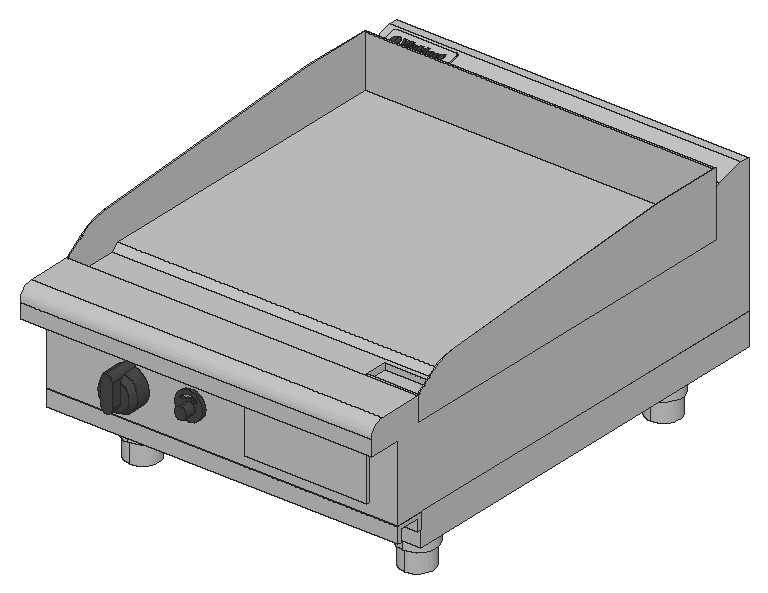
Revit family "QF_MOFFAT WALDORF_GPL8600G-B", category Specialty Equipment, Revit 2012
Parameters
  Width [instance] = 600.0 mm  # constant formula
  Weight in Pounds = 238.099
  URL Cutsheet = "www.moffat.com"
  URL = "www.moffat.com"
  Type Mark [instance] = ""
  Status [instance] = ""
  Specification by User [instance] = ""
  Specification by Manufacturer = ""
  Show Logo [instance] = yes
  Serial Number = ""
  Seismic Rating = ""
  SMACNA No = ""
  Revision Code [instance] = ""
  Omniclass Number and Title = ""
  NAFEM Spec ID Number = ""
  Model = "GPL8600G-B"
  Mechanical Remarks [instance] = ""
  Mechanical Connection Type [instance] = ""
  Masterspec = ""
  Manufacturer = "MOFFAT WALDORF"
  Item Number [instance] = ""
  Installed By [instance] = ""
  Identify Quantity as Lot [instance] = yes
  Height [instance] = 370.0 mm  # constant formula
  Gas Size = 3/4"
  Gas RI Height [instance] = 0.0 mm
  Gas KW [instance] = 14.7
  Gas Input [instance] = 50234.0 Btu/h
  Gas Connection Height = 0.0 mm
  Furnished By [instance] = ""
  Foodservice Equipment Identifier [instance] = yes
  Description = "GRIDDLE PLATE LOW SPLASHBACK GAS BENCH MOUNT"
  Depth [instance] = 805.0 mm  # constant formula
  CSI MasterFormat = ""
  CSI Master Format = ""
  Base Height [instance] = 80.0 mm
Reference planes
  plane 1 "BACK": y = 0
  plane 2: z = 0
  plane 3 "LEFT": x = 0
  plane 4 "RIGHT": x = 600
  plane 5 "FRONT": y = -805
  plane 6 "TOP": z = 370
  plane 7 "Center Y": x = 300
  plane 8 "Center X": y = -402.5
  plane 9 "Base Height": z = 80
  plane 10: x = 65
  plane 11: x = 535
Forms (mm)
  Extrusion 1, solid, material "QF_Finishes_Stainless Steel"
    sketch origin (0, 0, 0) x (0, 1, 0) y (0, 0, 1)
      loop
        line (-805, 291) -> (-805, 266) -> (-749, 266) -> (-749, 135) -> (0, 135) -> (0, 370) -> (-15, 370) -> (-61.106, 357.646)
        arc (-61.106, 357.646) -> (-67.52, 353.36) -> (-70, 346.055) r 12
        line (-70, 346.055) -> (-70, 275) -> (-705, 275) -> (-705, 315) -> (-781, 315)
        arc (-781, 315) -> (-797.971, 307.971) -> (-805, 291) r 24
      loop
        line (0, 80) -> (0, 134.206) -> (-699, 134.206) -> (-699, 80) -> (0, 80)
      loop
        line (-749, 134.206) -> (-749, 107.019) -> (-742.6, 107.019) -> (-742.6, 127.806) -> (-706.4, 127.806) -> (-706.4, 107.019) -> (-700, 107.019) -> (-700, 134.206) -> (-749, 134.206)
    from 0 to 600
  Revolve 2, solid, material "QF_Finishes_Stainless Steel"
    sketch origin (535, -210, 0) x (0, 1, 0) y (0, 0, -1)
      loop
        line (78.25, -80) -> (110, -80) -> (110, 0) -> (82.5, 0) -> (82.5, -35) -> (78.25, -35) -> (78.25, -80)
      axis (110, -80) -> (110, 0)
    angle from 0 to 360
  Revolve 3, solid, material "QF_Finishes_Stainless Steel"
    sketch origin (65, -210, 0) x (0, 1, 0) y (0, 0, 1)
      loop
        line (78.25, 80) -> (78.25, 35) -> (82.5, 35) -> (82.5, 0) -> (110, 0) -> (110, 80) -> (78.25, 80)
      axis (110, 80) -> (110, 0)
    angle from 0 to 360
  Extrusion 4, solid, material "QF_Finishes_Stainless Steel"
    sketch origin (705, 3, -500) x (1, 0, 0) y (0, 1, 0)
      loop
        circle (-235, -35) r 13.5
    from 555 to 580
  Revolve 5, solid, material "QF_Finishes_Black"
    sketch origin (150, 0, -0.127) x (0, 1, 0) y (0, 0, -1)
      loop
        line (-782, -229.5) -> (-759, -229.5) -> (-759, -202) -> (-749, -202) -> (-749, -197) -> (-793, -197) -> (-793, -223.651) -> (-782, -229.5)
      axis (-793, -197) -> (-749, -197)
    angle from 0 to 360
  Extrusion 6, solid, material "QF_Finishes_Black"
    sketch origin (288.27, 0, 0.031) x (-1, 0, 0) y (0, 0, -1)
      loop
        arc (148.269, -184.969) -> (138.269, -174.969) -> (128.269, -184.969) r 10
        line (128.269, -184.969) -> (128.269, -223.969)
        arc (128.269, -223.969) -> (138.269, -233.969) -> (148.269, -223.969) r 10
        line (148.269, -223.969) -> (148.269, -184.969)
    from 759 to 808
  Revolve 7, solid, material "QF_Finishes_Stainless Steel"
    sketch origin (535, -735, 0) x (0, 1, 0) y (0, 0, -1)
      loop
        line (78.25, -80) -> (110, -80) -> (110, 0) -> (82.5, 0) -> (82.5, -35) -> (78.25, -35) -> (78.25, -80)
      axis (110, -80) -> (110, 0)
    angle from 0 to 360
  Revolve 8, solid, material "QF_Finishes_Stainless Steel"
    sketch origin (65, -735, 0) x (0, 1, 0) y (0, 0, 1)
      loop
        line (78.25, 80) -> (78.25, 35) -> (82.5, 35) -> (82.5, 0) -> (110, 0) -> (110, 80) -> (78.25, 80)
      axis (110, 80) -> (110, 0)
    angle from 0 to 360
  Extrusion 9, solid, material "QF_Finishes_Stainless Steel"
    sketch origin (0, -749, 266) x (0, 0, -1) y (1, 0, 0)
      loop
        line (26.5, 340) -> (113.5, 340) -> (113.5, 550) -> (26.5, 550) -> (26.5, 340)
    from 0 to 2.5
  Extrusion 10, solid, material "QF_Finishes_Stainless Steel"
    sketch origin (0, -751.5, 266) x (0, 0, -1) y (1, 0, 0)
      loop
        line (33.5, 550) -> (26.5, 550) -> (26.5, 340) -> (33.5, 340) -> (33.5, 550)
    from 0 to 5
  Extrusion 11, solid, material "QF_Finishes_Black"
    sketch origin (0, -749, 266) x (0, 0, -1) y (1, 0, 0)
      loop
        circle (68.75, 247.5) r 24
      loop
        arc (58.85, 262.413) -> (50.814, 247.625) -> (58.632, 232.719) r 17.868
        arc (58.632, 232.719) -> (59.112, 232.434) -> (59.627, 232.649) r 0.621
        arc (59.627, 232.649) -> (61.064, 235.208) -> (61.408, 238.122) r 7.495
        arc (61.408, 238.122) -> (61.204, 239.05) -> (60.756, 239.888) r 3.472
        arc (60.756, 239.888) -> (58.464, 247.351) -> (60.594, 254.862) r 13.786
        arc (60.594, 254.862) -> (61.234, 256.132) -> (61.499, 257.528) r 5.101
        arc (61.499, 257.528) -> (61.128, 260.047) -> (59.834, 262.239) r 6.611
        arc (59.834, 262.239) -> (59.372, 262.497) -> (58.85, 262.413) r 0.806
    from 0 to 5
  Extrusion 12, solid, material "QF_Finishes_Black"
    sketch origin (0, -754, 266) x (0, 0, -1) y (1, 0, 0)
      loop
        circle (72.25, 247.5) r 10
    from 0 to 18.251
Cuts and joins
  joined: Revolve 5, Extrusion 6
  joined: Extrusion 9, Extrusion 10
Lines and regions (mm)
  Split face 1
    outline origin (49.063, -19.972, 368.668) x (0, -0.965926, -0.258819) y (1, 0, 0)
      loop
        line (0.03, 105.5) -> (33.432, 105.5) -> (33.432, 125.5) -> (0.03, 125.5) -> (0.03, 105.5)
  Split face 2
    outline origin (99.063, -19.972, 368.668) x (0, -0.965926, -0.258819) y (1, 0, 0)
      loop
        line (0.03, 105.5) -> (33.432, 105.5) -> (33.432, 125.5) -> (0.03, 125.5) -> (0.03, 105.5)
  Split face 3
    outline origin (149.063, -19.972, 368.668) x (0, -0.965926, -0.258819) y (1, 0, 0)
      loop
        line (0.03, 105.5) -> (33.432, 105.5) -> (33.432, 125.5) -> (0.03, 125.5) -> (0.03, 105.5)
  Split face 4
    outline origin (199.063, -19.972, 368.668) x (0, -0.965926, -0.258819) y (1, 0, 0)
      loop
        line (0.03, 105.5) -> (33.432, 105.5) -> (33.432, 125.5) -> (0.03, 125.5) -> (0.03, 105.5)
  Split face 5
    outline origin (249.063, -19.972, 368.668) x (0, -0.965926, -0.258819) y (1, 0, 0)
      loop
        line (0.03, 105.5) -> (33.432, 105.5) -> (33.432, 125.5) -> (0.03, 125.5) -> (0.03, 105.5)
  Split face 6
    outline origin (299.063, -19.972, 368.668) x (0, -0.965926, -0.258819) y (1, 0, 0)
      loop
        line (0.03, 105.5) -> (33.432, 105.5) -> (33.432, 125.5) -> (0.03, 125.5) -> (0.03, 105.5)
  Split face 7
    outline origin (349.063, -19.972, 368.668) x (0, -0.965926, -0.258819) y (1, 0, 0)
      loop
        line (0.03, 105.5) -> (33.432, 105.5) -> (33.432, 125.5) -> (0.03, 125.5) -> (0.03, 105.5)
  symbolic lines, visible <- "Show Logo"
    curve 1: line (12.5, -52.06, 0) -> (12.5, -21.099, 0)
    curve 2: line (121.5, -21.099, 0) -> (121.5, -52.06, 0)
    curve 3: line (12.5, -21.099, 0) -> (121.5, -21.099, 0)
    curve 4: line (12.5, -52.06, 0) -> (121.5, -52.06, 0)
  symbolic lines
    curve 5: line (154.563, -50.782, 0) -> (154.563, -20.984, 0)
    curve 6: line (154.563, -20.984, 0) -> (174.562, -20.984, 0)
    curve 7: line (174.562, -20.984, 0) -> (174.562, -50.782, 0)
    curve 8: line (174.562, -50.782, 0) -> (154.563, -50.782, 0)
    curve 9: line (204.563, -20.984, 0) -> (204.563, -50.782, 0)
    curve 10: line (204.563, -50.782, 0) -> (224.562, -50.782, 0)
    curve 11: line (224.562, -50.782, 0) -> (224.562, -20.984, 0)
    curve 12: line (224.562, -20.984, 0) -> (204.563, -20.984, 0)
    curve 13: line (254.563, -20.984, 0) -> (254.563, -50.782, 0)
    curve 14: line (254.563, -50.782, 0) -> (274.562, -50.782, 0)
    curve 15: line (274.562, -50.782, 0) -> (274.562, -20.984, 0)
    curve 16: line (274.562, -20.984, 0) -> (254.563, -20.984, 0)
    curve 17: line (304.563, -20.984, 0) -> (304.563, -50.782, 0)
    curve 18: line (304.563, -50.782, 0) -> (324.563, -50.782, 0)
    curve 19: line (324.563, -50.782, 0) -> (324.563, -20.984, 0)
    curve 20: line (324.563, -20.984, 0) -> (304.563, -20.984, 0)
    curve 21: line (354.563, -20.984, 0) -> (354.563, -50.782, 0)
    curve 22: line (354.563, -50.782, 0) -> (374.563, -50.782, 0)
    curve 23: line (374.563, -50.782, 0) -> (374.563, -20.984, 0)
    curve 24: line (374.563, -20.984, 0) -> (354.563, -20.984, 0)
    curve 25: line (404.563, -50.782, 0) -> (404.563, -20.984, 0)
    curve 26: line (404.563, -20.984, 0) -> (424.563, -20.984, 0)
    curve 27: line (424.563, -20.984, 0) -> (424.563, -50.782, 0)
    curve 28: line (424.563, -50.782, 0) -> (404.563, -50.782, 0)
    curve 29: line (304.563, -50.782, 0) -> (304.563, -20.984, 0)
    curve 30: line (304.563, -20.984, 0) -> (324.563, -20.984, 0)
    curve 31: line (324.563, -20.984, 0) -> (324.563, -50.782, 0)
    curve 32: line (324.563, -50.782, 0) -> (304.563, -50.782, 0)
    curve 33: line (354.563, -20.984, 0) -> (354.563, -50.782, 0)
    curve 34: line (354.563, -50.782, 0) -> (374.563, -50.782, 0)
    curve 35: line (374.563, -50.782, 0) -> (374.563, -20.984, 0)
    curve 36: line (374.563, -20.984, 0) -> (354.563, -20.984, 0)
    curve 37: line (404.563, -50.782, 0) -> (404.563, -20.984, 0)
    curve 38: line (404.563, -20.984, 0) -> (424.563, -20.984, 0)
    curve 39: line (424.563, -20.984, 0) -> (424.563, -50.782, 0)
    curve 40: line (424.563, -50.782, 0) -> (404.563, -50.782, 0)
    curve 41: line (454.563, -50.782, 0) -> (454.563, -20.984, 0)
    curve 42: line (454.563, -20.984, 0) -> (474.563, -20.984, 0)
    curve 43: line (474.563, -20.984, 0) -> (474.563, -50.782, 0)
    curve 44: line (474.563, -50.782, 0) -> (454.563, -50.782, 0)
    curve 45: line (0, -805, 0) -> (600, -805, 0)
    curve 46: line (0, 0, 0) -> (0, -805, 0)
    curve 47: line (600, 0, 0) -> (0, 0, 0)
    curve 48: line (0, -70, 0) -> (600, -70, 0)
    curve 49: line (600, -705, 0) -> (0, -705, 0)
    curve 50: line (600, -805, 0) -> (600, 0, 0)
Dimensions and locks
  equal spacing: plane 3 "LEFT", plane 7 "Center Y", plane 4 "RIGHT"
  "Width": plane 3 "LEFT" to plane 4 "RIGHT"
  equal spacing: plane 5 "FRONT", plane 8 "Center X", plane 1 "BACK"
  "Depth": plane 5 "FRONT" to plane 1 "BACK"
  "Base Height": plane 9 "Base Height" to level
  locked: plane 6 "TOP" to plane 9 "Base Height" at 290
  level to Extrusion 4 = 55.0 mm
  locked: Extrusion 4 to plane 9 "Base Height" at 25
  plane 6 "TOP" to nested 1 to nested 1 = 1.498 mm locked, 8.706 mm locked
  plane 6 "TOP" to level = 370.0 mm
  aligned and locked: level to plane 2
  aligned and locked: plane 9 "Base Height" to Extrusion 4
  aligned and locked: Revolve 3 sketch curve to plane 9 "Base Height"
Automatic sketch dimensions
  curve 49 to plane 3 "LEFT" = 0.0 mm
  plane 1 "BACK" to curve 47 = 0.0 mm
  curve 47 to plane 4 "RIGHT" = 0.0 mm
  plane 5 "FRONT" to curve 45 = 0.0 mm
  plane 3 "LEFT" to curve 1 = 12.5 mm
  plane 1 "BACK" to curve 2 = 21.099 mm
  plane 10 to curve 2 = 56.5 mm
  curve 2 to curve 6 = 33.062 mm
  curve 5 to curve 6 = 20.0 mm
  curve 6 to curve 12 = 30.0 mm
  curve 9 to curve 11 = 20.0 mm
  curve 11 to curve 16 = 30.0 mm
  curve 13 to curve 16 = 20.0 mm
  plane 7 "Center Y" to curve 17 = 4.563 mm
  curve 17 to curve 31 = 20.0 mm
  curve 18 to curve 34 = 30.0 mm
  curve 21 to curve 23 = 20.0 mm
  curve 22 to curve 37 = 30.0 mm
  curve 25 to curve 27 = 20.0 mm
  curve 26 to curve 41 = 30.0 mm
  curve 41 to curve 43 = 20.0 mm
  curve 49 to plane 5 "FRONT" = 100.0 mm
  curve 48 to curve 1 = 48.901 mm
  curve 48 to curve 1 = 17.94 mm
  plane 1 "BACK" to curve 8 = 50.782 mm
  curve 7 to curve 9 = 0.0 mm
  curve 10 to curve 13 = 0.0 mm
  curve 14 to curve 17 = 0.0 mm
  curve 40 to curve 41 = 0.0 mm
  curve 18 to curve 21 = 0.0 mm
  plane 1 "BACK" to curve 27 = 20.984 mm
  plane 1 "BACK" to curve 35 = 20.984 mm
  plane 1 "BACK" to curve 20 = 20.984 mm
  plane 1 "BACK" to curve 41 = 20.984 mm
  plane 1 "BACK" to curve 16 = 20.984 mm
  plane 1 "BACK" to curve 12 = 20.984 mm
  plane 1 "BACK" to curve 7 = 20.984 mm
  Extrusion 1 sketch curve to plane 5 "FRONT" = 0.0 mm
  Extrusion 1 sketch curve to plane 9 "Base Height" = 0.0 mm
  Extrusion 1 sketch curve to plane 6 "TOP" = 0.0 mm
  Extrusion 1 sketch curve to plane 1 "BACK" = 0.0 mm  (x2)
  Extrusion 1 sketch curve to plane 5 "FRONT" = 24.0 mm
  Extrusion 1 sketch curve to plane 5 "FRONT" = 56.0 mm
  Extrusion 1 sketch curve to Extrusion 1 sketch curve = 0.0 mm  (x2)
  Extrusion 1 sketch curve to Extrusion 1 sketch curve = 6.4 mm  (x3)
  Extrusion 1 sketch curve to Extrusion 1 sketch curve = 36.2 mm
  Extrusion 1 sketch curve to Extrusion 1 sketch curve = 44.0 mm
  Extrusion 1 sketch curve to Extrusion 1 sketch curve = 1.0 mm
  plane 1 "BACK" to Extrusion 1 sketch curve = 70.0 mm
  Extrusion 1 sketch curve to plane 6 "TOP" = 12.354 mm
  Extrusion 1 sketch curve to Extrusion 1 sketch curve = 8.894 mm
  Extrusion 1 sketch curve to Extrusion 1 sketch curve = 3.106 mm
  Extrusion 1 sketch curve to Extrusion 1 sketch curve = 15.0 mm
  plane 9 "Base Height" to Extrusion 1 sketch curve = 27.019 mm  (x2)
  Extrusion 1 sketch curve to Extrusion 1 sketch curve = 20.787 mm
  Extrusion 1 sketch curve to Extrusion 1 sketch curve = 0.794 mm
  Extrusion 1 sketch curve to Extrusion 1 sketch curve = 131.0 mm
  Extrusion 1 sketch curve to Extrusion 1 sketch curve = 140.0 mm
  Extrusion 1 sketch curve to Extrusion 1 sketch curve = 25.0 mm
  Revolve 2 sketch curve to plane 9 "Base Height" = 0.0 mm
  Revolve 2 sketch curve to level = 0.0 mm
  level to Revolve 2 sketch curve = 35.0 mm
  plane 1 "BACK" to Revolve 2 sketch curve = 131.75 mm
  Revolve 2 sketch curve to Revolve 2 sketch curve = 4.25 mm
  Revolve 2 sketch curve to Revolve 2 sketch curve = 27.5 mm
  Revolve 2 sketch curve to Revolve 2 sketch curve = 0.0 mm
  Revolve 2 sketch curve to Revolve 2 sketch curve = 30.0 mm
  Revolve 2 sketch curve to Revolve 2 sketch curve = 55.0 mm
  Revolve 3 sketch curve to level = 0.0 mm
  level to Revolve 3 sketch curve = 35.0 mm
  plane 1 "BACK" to Revolve 3 sketch curve = 131.75 mm
  Revolve 3 sketch curve to Revolve 3 sketch curve = 4.25 mm
  Revolve 3 sketch curve to Revolve 3 sketch curve = 27.5 mm
  Revolve 3 sketch curve to Revolve 3 sketch curve = 0.0 mm
  Revolve 3 sketch curve to Revolve 3 sketch curve = 55.0 mm
  Revolve 3 sketch curve to Revolve 3 sketch curve = 30.0 mm
  plane 1 "BACK" to Extrusion 4 sketch curve = 32.0 mm
  plane 11 to Extrusion 4 sketch curve = 65.0 mm
  Revolve 5 sketch curve to plane 5 "FRONT" = 12.0 mm
  Revolve 5 sketch curve to Revolve 5 sketch curve = 0.0 mm  (x2)
  Revolve 5 sketch curve to Revolve 5 sketch curve = 11.0 mm
  Revolve 5 sketch curve to Revolve 5 sketch curve = 12.7 mm
  Revolve 5 sketch curve to Revolve 5 sketch curve = 23.0 mm
  Revolve 5 sketch curve to Revolve 5 sketch curve = 10.0 mm
  plane 9 "Base Height" to Revolve 5 sketch curve = 149.373 mm
  Revolve 5 sketch curve to Revolve 5 sketch curve = 5.849 mm
  Revolve 5 sketch curve to Revolve 5 sketch curve = 27.5 mm
  Revolve 5 sketch curve to Revolve 5 sketch curve = 5.0 mm
  plane 10 to Extrusion 6 sketch curve = 95.001 mm
  Extrusion 6 sketch curve to Extrusion 6 sketch curve = 10.0 mm
  plane 9 "Base Height" to Extrusion 6 sketch curve = 144.0 mm
  Extrusion 6 sketch curve to Extrusion 6 sketch curve = 39.0 mm
  Extrusion 1 to Split face 1 sketch curve = 5.177 mm
  Split face 1 sketch curve to Extrusion 1 = 9.153 mm
  Split face 1 sketch curve to Extrusion 1 = 154.563 mm
  Split face 1 sketch curve to Split face 1 sketch curve = 20.0 mm
  Revolve 7 sketch curve to plane 9 "Base Height" = 0.0 mm
  Revolve 7 sketch curve to level = 0.0 mm
  level to Revolve 7 sketch curve = 35.0 mm
  Revolve 7 sketch curve to plane 5 "FRONT" = 148.25 mm
  Revolve 7 sketch curve to Revolve 7 sketch curve = 4.25 mm
  Revolve 7 sketch curve to Revolve 7 sketch curve = 27.5 mm
  Revolve 7 sketch curve to Revolve 7 sketch curve = 0.0 mm
  Revolve 7 sketch curve to Revolve 7 sketch curve = 30.0 mm
  Revolve 7 sketch curve to Revolve 7 sketch curve = 55.0 mm
  Revolve 8 sketch curve to plane 9 "Base Height" = 0.0 mm
  Revolve 8 sketch curve to level = 0.0 mm
  level to Revolve 8 sketch curve = 35.0 mm
  Revolve 8 sketch curve to plane 5 "FRONT" = 148.25 mm
  Revolve 8 sketch curve to Revolve 8 sketch curve = 4.25 mm
  Revolve 8 sketch curve to Revolve 8 sketch curve = 27.5 mm
  Revolve 8 sketch curve to Revolve 8 sketch curve = 0.0 mm
  Revolve 8 sketch curve to Revolve 8 sketch curve = 55.0 mm
  Revolve 8 sketch curve to Revolve 8 sketch curve = 30.0 mm
  Extrusion 1 to Split face 2 sketch curve = 5.177 mm
  Split face 2 sketch curve to Extrusion 1 = 9.153 mm
  Split face 2 sketch curve to Extrusion 1 = 204.563 mm
  Split face 2 sketch curve to Split face 2 sketch curve = 20.0 mm
  Extrusion 1 to Split face 3 sketch curve = 5.177 mm
  Split face 3 sketch curve to Extrusion 1 = 9.153 mm
  Split face 3 sketch curve to Extrusion 1 = 254.563 mm
  Split face 3 sketch curve to Split face 3 sketch curve = 20.0 mm
  Extrusion 1 to Split face 4 sketch curve = 5.177 mm
  Split face 4 sketch curve to Extrusion 1 = 9.153 mm
  Split face 4 sketch curve to Extrusion 1 = 295.437 mm
  Split face 4 sketch curve to Split face 4 sketch curve = 20.0 mm
  Extrusion 1 to Split face 5 sketch curve = 5.177 mm
  Split face 5 sketch curve to Extrusion 1 = 9.153 mm
  Split face 5 sketch curve to Extrusion 1 = 245.437 mm
  Split face 5 sketch curve to Split face 5 sketch curve = 20.0 mm
  Extrusion 1 to Split face 6 sketch curve = 5.177 mm
  Split face 6 sketch curve to Extrusion 1 = 9.153 mm
  Split face 6 sketch curve to Extrusion 1 = 195.437 mm
  Split face 6 sketch curve to Split face 6 sketch curve = 20.0 mm
  Extrusion 1 to Extrusion 9 sketch curve = 26.5 mm
  Extrusion 9 sketch curve to Extrusion 1 = 17.5 mm
  Extrusion 1 to Extrusion 9 sketch curve = 260.0 mm
  Extrusion 1 to Extrusion 9 sketch curve = 50.0 mm
  Extrusion 10 sketch curve to Extrusion 9 = 0.0 mm  (x2)
  Extrusion 9 to Extrusion 10 sketch curve = 0.0 mm
  Extrusion 10 sketch curve to Extrusion 9 = 7.0 mm
  Extrusion 1 to Extrusion 11 sketch curve = 53.937 mm
  Extrusion 11 sketch curve to Extrusion 11 sketch curve = 0.958 mm
  Extrusion 11 sketch curve to Extrusion 11 sketch curve = 1.509 mm
  Extrusion 11 sketch curve to Extrusion 11 sketch curve = 4.01 mm
  Extrusion 11 sketch curve to Extrusion 11 sketch curve = 0.685 mm
  Extrusion 11 sketch curve to Extrusion 11 sketch curve = 2.447 mm
  Extrusion 11 sketch curve to Extrusion 11 sketch curve = 0.524 mm
  Extrusion 11 sketch curve to Extrusion 11 sketch curve = 0.381 mm
  Extrusion 11 sketch curve to Extrusion 11 sketch curve = 0.472 mm
  Extrusion 11 sketch curve to Extrusion 11 sketch curve = 0.0 mm  (x5)
  Extrusion 11 sketch curve to Extrusion 11 sketch curve = 0.602 mm
  Extrusion 11 sketch curve to Extrusion 11 sketch curve = 4.19 mm
  Extrusion 11 sketch curve to Extrusion 11 sketch curve = 2.809 mm
  Extrusion 11 sketch curve to Extrusion 11 sketch curve = 0.652 mm
  Extrusion 11 sketch curve to Extrusion 11 sketch curve = 0.905 mm
  Extrusion 11 sketch curve to Extrusion 11 sketch curve = 8.087 mm
  Extrusion 11 sketch curve to Extrusion 11 sketch curve = 0.069 mm
  Extrusion 11 sketch curve to Extrusion 11 sketch curve = 3.5 mm
  Extrusion 1 to Extrusion 11 sketch curve = 232.649 mm
  Extrusion 11 sketch curve to Extrusion 11 sketch curve = 0.07 mm
  Extrusion 11 sketch curve to Extrusion 11 sketch curve = 7.606 mm
  Extrusion 11 sketch curve to Extrusion 11 sketch curve = 0.007 mm
  Extrusion 1 to Split face 7 sketch curve = 5.177 mm
  Split face 7 sketch curve to Extrusion 1 = 9.153 mm
  Split face 7 sketch curve to Extrusion 1 = 145.437 mm
  Split face 7 sketch curve to Split face 7 sketch curve = 20.0 mm
  curve 44 to curve 41 = 29.799 mm
  radius of Extrusion 4 sketch curve = 13.5 mm
  radius of Extrusion 11 sketch curve = 24.0 mm
  radius of Extrusion 12 sketch curve to Extrusion 11 = 3.786 mm
Nested families
  nested 1: "WALDORF LOGO" at (12.5, -36.099, 347.942), visible <- "Show Logo", type "WALDORF LOGO", detail levels medium+fine
    with Type Mark "", Status "", Specification by User "", Show Logo yes, Revision Code "", Item Number "", Installed By "", Identify Quantity as Lot yes, Furnished By "", Foodservice Equipment Identifier yes
  nested 2: "GAS GRIDDLE PLATE" at (0, -70, 274.5), type "GAS GRIDDLE PLATE"
    with Type Mark "", Status "", Specification by User "", Show Clearance yes, Revision Code "", Number of Poles 1, Mechanical Remarks "", Mechanical Connection Type "", Item Number "", Installed By "", Identify Quantity as Lot yes, Gas RI Height 0.0 mm, Gas KW 0, Gas Input 0.0 Btu/h, Furnished By "", Foodservice Equipment Identifier yes, Electrical Remarks "", Electric Connection Type "", Elec Conn RI Height 0.0 mm, Elec Conn Connection Height 0.0 mm
Connectors
  piping at (470, -32, 55)
    settings: on Extrusion 4, index 2, connector radius 0.37402", flow factor 0, pipe flow 0 GPM, pressure drop 0.00 psi, fitting loss kfactor 0, connector angle 0.00°, fixture units 0, engagement length 0.0 mm, flow configuration 1, flow direction 1, fitting loss method 0, system type 7, joint type 0, gender type 0, connector reference index -1, connector utility 0, adjustable connector no, is connector primary yes, fitting loss table "", connector description "GAS CONNECTION"
Definition of nested family "WALDORF LOGO"
  Parameters (values of type "WALDORF LOGO")
    Weight in Pounds = 0
    URL Cutsheet = ""
    Type Mark [instance] = ""
    Status [instance] = ""
    Specification by User [instance] = ""
    Specification by Manufacturer = ""
    Show Logo [instance] = yes
    Serial Number = ""
    Seismic Rating = ""
    SMACNA No = ""
    Revision Code [instance] = ""
    Omniclass Number and Title = ""
    NAFEM Spec ID Number = ""
    Masterspec = ""
    Item Number [instance] = ""
    Installed By [instance] = ""
    Identify Quantity as Lot [instance] = yes
    Furnished By [instance] = ""
    Foodservice Equipment Identifier [instance] = yes
    CSI MasterFormat = ""
    CSI Master Format = ""
  Reference planes
    plane 1 "BACK": y = 0
    plane 2: z = 0
    plane 3 "LEFT": x = 0
    plane 4 "RIGHT": x = 109
    plane 5 "FRONT": y = -1.588
    plane 6 "TOP": z = 34.14
    plane 7 "Center Y": x = 54.5
    plane 8 "Center X": y = -0.794
  Forms (mm)
    Extrusion 1, solid, material "QF_Finishes_Stainless Steel", visible <- "Show Logo"
      sketch origin (0, -16.884, 11.854) x (1, 0, 0) y (0, 0.966938, 0.255012)
        loop
          arc (5, 34.14) -> (1.464, 32.676) -> (0, 29.14) r 5
          line (0, 29.14) -> (0, 5)
          arc (0, 5) -> (1.464, 1.464) -> (5, 0) r 5
          line (5, 0) -> (104, 0)
          arc (104, 0) -> (107.536, 1.464) -> (109, 5) r 5
          line (109, 5) -> (109, 29.14)
          arc (109, 29.14) -> (107.536, 32.676) -> (104, 34.14) r 5
          line (104, 34.14) -> (5, 34.14)
      from 0 to 1.588
    Extrusion 2, solid, material "QF_Finishes_Black", visible <- "Show Logo"
      sketch origin (0, -17.288, 13.389) x (1, 0, 0) y (0, 0.966938, 0.255012)
        loop
          line (24.772, 23.214) -> (27.992, 10.301) -> (31.551, 10.301) -> (33.443, 17.364) -> (35.205, 10.301) -> (39.332, 10.301) -> (42.077, 23.214) -> (38.352, 23.214) -> (36.676, 15.33) -> (35, 23.214) -> (31.752, 23.214) -> (30.076, 15.33) -> (28.4, 23.214) -> (24.772, 23.214)
        loop
          line (42.272, 17.055) -> (45.703, 17.055)
          spline (45.703, 17.055) -> (45.741, 17.285) -> (45.852, 17.499) -> (46.028, 17.682) -> (46.258, 17.823) -> (46.526, 17.912) -> (46.813, 17.942) -> (47.1, 17.912) -> (47.368, 17.823) -> (47.597, 17.682) -> (47.774, 17.499) -> (47.884, 17.285) -> (47.922, 17.055)
          line (47.922, 17.055) -> (47.922, 16.222)
          arc (47.922, 16.222) -> (45.742, 16.014) -> (43.665, 15.317) r 9.604
          arc (43.665, 15.317) -> (41.924, 12.809) -> (43.665, 10.301) r 2.677
          arc (43.665, 10.301) -> (45.527, 10.353) -> (47.332, 10.816) r 8.365
          line (47.332, 10.816) -> (48.092, 11.105) -> (48.092, 10.301) -> (51.817, 10.301) -> (51.817, 17.055)
          spline (51.817, 17.055) -> (51.654, 17.821) -> (51.178, 18.535) -> (50.419, 19.148) -> (49.431, 19.619) -> (48.28, 19.914) -> (47.044, 20.015) -> (45.809, 19.914) -> (44.658, 19.619) -> (43.67, 19.148) -> (42.911, 18.535) -> (42.434, 17.821) -> (42.272, 17.055)
        loop
          line (53.151, 23.214) -> (53.151, 10.301) -> (57.37, 10.301) -> (57.37, 23.214) -> (53.151, 23.214)
        loop
          line (64.874, 23.214) -> (64.874, 18.857)
          arc (64.874, 18.857) -> (58.083, 15.11) -> (64.874, 11.363) r 4.429
          line (64.874, 11.363) -> (64.874, 10.301) -> (68.378, 10.301) -> (68.378, 23.214) -> (64.874, 23.214)
        loop
          arc (64.874, 16.083) -> (61.41, 14.987) -> (64.874, 13.891) r 1.905
          line (64.874, 13.891) -> (64.874, 16.083)
        loop
          circle (74.623, 15.223) r 5
        loop
          spline (74.623, 17.856) -> (74.355, 17.766) -> (74.105, 17.503) -> (73.891, 17.084) -> (73.726, 16.539) -> (73.623, 15.904) -> (73.588, 15.223) -> (73.623, 14.541) -> (73.726, 13.906) -> (73.891, 13.361) -> (74.105, 12.942) -> (74.355, 12.679) -> (74.623, 12.59)
          spline (74.623, 12.59) -> (74.891, 12.679) -> (75.141, 12.942) -> (75.355, 13.361) -> (75.52, 13.906) -> (75.623, 14.541) -> (75.659, 15.223) -> (75.623, 15.904) -> (75.52, 16.539) -> (75.355, 17.084) -> (75.141, 17.503) -> (74.891, 17.766) -> (74.623, 17.856)
        loop
          line (81.255, 19.813) -> (81.255, 10.301) -> (84.834, 10.301) -> (84.834, 14.176)
          arc (84.834, 14.176) -> (85.854, 16.093) -> (88.013, 16.32) r 2.313
          line (88.013, 16.32) -> (88.013, 19.813) -> (87.161, 19.813)
          arc (87.161, 19.813) -> (85.526, 19.266) -> (84.549, 17.844) r 2.717
          line (84.549, 17.844) -> (84.549, 19.813) -> (81.255, 19.813)
        loop
          line (90.249, 19.813) -> (88.91, 19.813) -> (88.91, 17.614) -> (90.249, 17.614) -> (90.249, 10.301) -> (93.998, 10.301) -> (93.998, 17.614) -> (95.418, 17.614) -> (95.418, 19.813) -> (93.998, 19.813)
          arc (93.998, 19.813) -> (94.414, 20.817) -> (95.418, 21.233) r 1.42
          line (95.418, 21.233) -> (95.418, 23.602) -> (93.317, 23.602)
          arc (93.317, 23.602) -> (91.343, 22.903) -> (90.249, 21.118) r 3.137
          line (90.249, 21.118) -> (90.249, 19.813)
        loop
          arc (15.241, 23.571) -> (8.392, 16.525) -> (15.241, 9.479) r 7.049
          line (15.241, 9.479) -> (15.241, 23.571)
        loop
          line (15.641, 23.571) -> (15.641, 9.479)
          arc (15.641, 9.479) -> (22.49, 16.525) -> (15.641, 23.571) r 7.049
        loop
          arc (47.922, 14.711) -> (46.266, 13.749) -> (47.922, 12.787) r 1.107
          line (47.922, 12.787) -> (47.922, 14.711)
      from 0 to 0.2
  Dimensions and locks
    equal spacing: plane 3 "LEFT", plane 7 "Center Y", plane 4 "RIGHT"
    plane 3 "LEFT" to plane 4 "RIGHT" = 109.0 mm
    equal spacing: plane 5 "FRONT", plane 8 "Center X", plane 1 "BACK"
    plane 5 "FRONT" to plane 1 "BACK" = 1.588 mm
    aligned and locked: level to plane 2
  Automatic sketch dimensions
    Extrusion 1 sketch curve to plane 3 "LEFT" = 0.0 mm
    Extrusion 1 sketch curve to plane 4 "RIGHT" = 0.0 mm
    plane 3 "LEFT" to Extrusion 1 sketch curve = 5.0 mm  (x2)
    plane 4 "RIGHT" to Extrusion 1 sketch curve = 5.0 mm  (x2)
    Extrusion 1 sketch curve to Extrusion 1 sketch curve = 24.14 mm
    Extrusion 2 sketch curve to Extrusion 2 sketch curve = 0.0 mm  (x14)
    Extrusion 2 sketch curve to Extrusion 1 = 15.241 mm
    Extrusion 2 sketch curve to Extrusion 2 sketch curve = 0.2 mm
    Extrusion 2 sketch curve to Extrusion 2 sketch curve = 0.4 mm
    Extrusion 2 sketch curve to Extrusion 2 sketch curve = 9.131 mm
    Extrusion 2 sketch curve to Extrusion 1 = 10.301 mm  (x2)
    Extrusion 2 sketch curve to Extrusion 2 sketch curve = 12.351 mm
    Extrusion 2 sketch curve to Extrusion 2 sketch curve = 3.628 mm
    Extrusion 2 sketch curve to Extrusion 2 sketch curve = 2.084 mm
    Extrusion 2 sketch curve to Extrusion 2 sketch curve = 3.559 mm
    Extrusion 2 sketch curve to Extrusion 1 = 10.926 mm  (x2)
    Extrusion 2 sketch curve to Extrusion 2 sketch curve = 3.352 mm  (x2)
    Extrusion 2 sketch curve to Extrusion 2 sketch curve = 3.367 mm
    Extrusion 2 sketch curve to Extrusion 2 sketch curve = 3.249 mm
    Extrusion 2 sketch curve to Extrusion 2 sketch curve = 3.654 mm
    Extrusion 2 sketch curve to Extrusion 1 = 15.33 mm
    Extrusion 2 sketch curve to Extrusion 2 sketch curve = 3.233 mm
    Extrusion 2 sketch curve to Extrusion 2 sketch curve = 4.128 mm
    Extrusion 2 sketch curve to Extrusion 2 sketch curve = 3.725 mm
    Extrusion 2 sketch curve to Extrusion 2 sketch curve = 5.596 mm
    Extrusion 2 sketch curve to Extrusion 2 sketch curve = 4.333 mm
    Extrusion 2 sketch curve to Extrusion 2 sketch curve = 1.394 mm
    Extrusion 2 sketch curve to Extrusion 2 sketch curve = 2.092 mm
    Extrusion 2 sketch curve to Extrusion 2 sketch curve = 0.936 mm
    Extrusion 2 sketch curve to Extrusion 2 sketch curve = 1.34 mm
    Extrusion 2 sketch curve to Extrusion 2 sketch curve = 1.109 mm
    Extrusion 2 sketch curve to Extrusion 2 sketch curve = 0.232 mm
    Extrusion 2 sketch curve to Extrusion 2 sketch curve = 2.731 mm
    Extrusion 2 sketch curve to Extrusion 2 sketch curve = 0.549 mm  (x2)
    Extrusion 2 sketch curve to Extrusion 2 sketch curve = 0.407 mm
    Extrusion 2 sketch curve to Extrusion 2 sketch curve = 0.76 mm
    Extrusion 2 sketch curve to Extrusion 2 sketch curve = 1.334 mm
    Extrusion 2 sketch curve to Extrusion 2 sketch curve = 4.219 mm
    Extrusion 2 sketch curve to Extrusion 2 sketch curve = 5.142 mm
    Extrusion 2 sketch curve to Extrusion 2 sketch curve = 0.803 mm
    Extrusion 2 sketch curve to Extrusion 2 sketch curve = 1.558 mm
    Extrusion 2 sketch curve to Extrusion 2 sketch curve = 3.504 mm
    Extrusion 2 sketch curve to Extrusion 2 sketch curve = 6.245 mm
    Extrusion 2 sketch curve to Extrusion 2 sketch curve = 6.632 mm
    Extrusion 2 sketch curve to Extrusion 2 sketch curve = 3.294 mm
    Extrusion 2 sketch curve to Extrusion 2 sketch curve = 3.579 mm
    Extrusion 2 sketch curve to Extrusion 2 sketch curve = 2.313 mm
    Extrusion 2 sketch curve to Extrusion 2 sketch curve = 2.612 mm
    Extrusion 2 sketch curve to Extrusion 2 sketch curve = 0.852 mm
    Extrusion 2 sketch curve to Extrusion 2 sketch curve = 0.897 mm
    Extrusion 2 sketch curve to Extrusion 2 sketch curve = 3.102 mm
    Extrusion 2 sketch curve to Extrusion 2 sketch curve = 1.338 mm
    Extrusion 2 sketch curve to Extrusion 2 sketch curve = 3.068 mm
    Extrusion 2 sketch curve to Extrusion 2 sketch curve = 0.681 mm
    Extrusion 2 sketch curve to Extrusion 2 sketch curve = 3.749 mm
    Extrusion 2 sketch curve to Extrusion 2 sketch curve = 1.42 mm
    Extrusion 2 sketch curve to Extrusion 2 sketch curve = 5.029 mm  (x2)
    Extrusion 2 sketch curve to Extrusion 1 = 9.479 mm
    Extrusion 2 sketch curve to Extrusion 2 sketch curve = 3.681 mm
    Extrusion 2 sketch curve to Extrusion 2 sketch curve = 0.515 mm
    Extrusion 2 sketch curve to Extrusion 2 sketch curve = 0.804 mm
    Extrusion 2 sketch curve to Extrusion 2 sketch curve = 1.062 mm
    Extrusion 2 sketch curve to Extrusion 2 sketch curve = 1.682 mm
    Extrusion 2 sketch curve to Extrusion 2 sketch curve = 2.508 mm
    Extrusion 2 sketch curve to Extrusion 2 sketch curve = 0.962 mm
    Extrusion 2 sketch curve to Extrusion 2 sketch curve = 2.528 mm
    Extrusion 2 sketch curve to Extrusion 2 sketch curve = 3.875 mm
    Extrusion 2 sketch curve to Extrusion 2 sketch curve = 1.096 mm
    Extrusion 2 sketch curve to Extrusion 2 sketch curve = 0.123 mm
    Extrusion 2 sketch curve to Extrusion 2 sketch curve = 4.922 mm
    Extrusion 2 sketch curve to Extrusion 2 sketch curve = 7.046 mm
    Extrusion 2 sketch curve to Extrusion 2 sketch curve = 0.833 mm
    Extrusion 2 sketch curve to Extrusion 2 sketch curve = 0.776 mm
    Extrusion 2 sketch curve to Extrusion 2 sketch curve = 2.034 mm
    Extrusion 2 sketch curve to Extrusion 2 sketch curve = 7.314 mm
    Extrusion 2 sketch curve to Extrusion 2 sketch curve = 1.295 mm
    Extrusion 2 sketch curve to Extrusion 2 sketch curve = 0.749 mm
    Extrusion 2 sketch curve to Extrusion 2 sketch curve = 2.633 mm
    Extrusion 2 sketch curve to Extrusion 2 sketch curve = 2.198 mm  (x2)
    Extrusion 2 sketch curve to Extrusion 2 sketch curve = 1.968 mm
    Extrusion 2 sketch curve to Extrusion 2 sketch curve = 0.653 mm
    Extrusion 2 sketch curve to Extrusion 2 sketch curve = 1.305 mm
    Extrusion 2 sketch curve to Extrusion 2 sketch curve = 4.357 mm
    Extrusion 2 sketch curve to Extrusion 2 sketch curve = 6.159 mm
    radius of Extrusion 2 sketch curve = 5.0 mm
Definition of nested family "GAS GRIDDLE PLATE"
  Parameters (values of type "GAS GRIDDLE PLATE_LOW")
    Weight in Pounds = 0
    Watts = 0 W
    Volts = 0 V
    URL Cutsheet = ""
    Type Mark [instance] = ""
    Status [instance] = ""
    Specification by User [instance] = ""
    Specification by Manufacturer = ""
    Show Clearance [instance] = yes
    Serial Number = ""
    Seismic Rating = ""
    SMACNA No = ""
    Revision Code [instance] = ""
    Phase = 1
    Omniclass Number and Title = ""
    Number of Poles [instance] = 1
    NAFEM Spec ID Number = ""
    Min Ckt Ampacity = 0 A
    Mechanical Remarks [instance] = ""
    Mechanical Connection Type [instance] = ""
    Max Overcurrent Protection = 0 A
    Masterspec = ""
    Item Number [instance] = ""
    Installed By [instance] = ""
    Identify Quantity as Lot [instance] = yes
    HP = ""
    Gas Size = 0"
    Gas RI Height [instance] = 0.0 mm
    Gas KW [instance] = 0
    Gas Input [instance] = 0.0 Btu/h
    Gas Connection Height = 0.0 mm
    Furnished By [instance] = ""
    Foodservice Equipment Identifier [instance] = yes
    FL Amps = 0 A
    Electrical Remarks [instance] = ""
    Electric Connection Type [instance] = ""
    Elec Conn RI Height [instance] = 0.0 mm
    Elec Conn Connection Height [instance] = 0.0 mm
    Cycle = 0 Hz
    Conn Plug = ""
    Conn Conduit = yes
    CSI MasterFormat = ""
    CSI Master Format = ""
    Apparent Power = if(Phase = 3, Volts * FL Amps * 1.73, Volts * FL Amps)  # 0 VA
  Reference planes
    plane 1 "BACK": y = 0
    plane 2: z = 0
    plane 3 "LEFT": x = 0
    plane 4 "RIGHT": x = 600
    plane 5 "FRONT": y = -634.4
    plane 6 "TOP": z = 142.5
    plane 7 "Center Y": x = 300
    plane 8 "Center X": y = -317.2
  Forms (mm)
    Extrusion 1, solid, material "QF_Finishes_Stainless Steel"
      sketch origin (0, 70.003, -874.5) x (0, 1, 0) y (0, 0, 1)
        loop
          line (-70, 875) -> (-70, 984.5) -> (-191.003, 984.5) -> (-626.368, 954.056)
          arc (-626.368, 954.056) -> (-652.773, 948.564) -> (-676.75, 936.215) r 100
          line (-676.75, 936.215) -> (-704.403, 916.852) -> (-704.403, 875) -> (-70, 875)
      from 0 to 1.8
    Extrusion 2, solid, material "QF_Finishes_Stainless Steel"
      sketch origin (600, 70.003, -874.5) x (0, -1, 0) y (0, 0, 1)
        loop
          line (70, 875) -> (704.403, 875) -> (704.403, 916.852) -> (676.75, 936.215)
          arc (676.75, 936.215) -> (652.773, 948.564) -> (626.368, 954.056) r 100
          line (626.368, 954.056) -> (191.003, 984.5) -> (70, 984.5) -> (70, 875)
      from 0 to 1.2
    Extrusion 3, solid, material "QF_Finishes_Stainless Steel"
      sketch origin (150, 70.003, -874.5) x (0, 1, 0) y (0, 0, 1)
        loop
          line (-70, 895) -> (-601, 895) -> (-611.5, 884.5) -> (-704.403, 884.5) -> (-704.403, 875) -> (-70, 875) -> (-70, 895)
      from -148.2 to 448.8
    Extrusion 4, void
      sketch origin (150, -541.497, 10) x (0, -1, 0) y (1, 0, 0)
        loop
          line (10, 414.3) -> (10, 325.8) -> (48.5, 325.8) -> (48.5, 414.3) -> (10, 414.3)
      from -41.4 to 40.142
    Extrusion 5, solid, material "QF_Finishes_Stainless Steel"
      sketch origin (150, 0.003, 211.574) x (0, 0, -1) y (1, 0, 0)
        loop
          line (101.574, -148.2) -> (191.074, -148.2) -> (191.074, 448.8) -> (101.574, 448.8) -> (101.574, -148.2)
      from 0 to 1.683
  Cuts and joins
    Extrusion 4 cuts Extrusion 3
  Lines and regions (mm)
    symbolic lines
      curve 1: line (598.8, -530.997, 0) -> (1.8, -530.997, 0)
      curve 2: line (1.8, -541.497, 0) -> (598.8, -541.497, 0)
      curve 3: line (475.8, -551.497, 0) -> (475.8, -589.997, 0)
      curve 4: line (475.8, -589.997, 0) -> (564.3, -589.997, 0)
      curve 5: line (564.3, -589.997, 0) -> (564.3, -551.497, 0)
      curve 6: line (564.3, -551.497, 0) -> (475.8, -551.497, 0)
      curve 7: line (1.8, -1.68, 0) -> (598.8, -1.68, 0)
      curve 8: line (598.8, 0, 0) -> (598.8, -634.4, 0)
      curve 9: line (1.8, -634.4, 0) -> (1.8, 0, 0)
      curve 10: line (1.8, -634.4, 0) -> (598.8, -634.4, 0)
  Dimensions and locks
    equal spacing: plane 3 "LEFT", plane 7 "Center Y", plane 4 "RIGHT"
    plane 3 "LEFT" to plane 4 "RIGHT" = 600.0 mm
    equal spacing: plane 5 "FRONT", plane 8 "Center X", plane 1 "BACK"
    plane 5 "FRONT" to plane 1 "BACK" = 634.4 mm
    aligned and locked: level to plane 2
  Automatic sketch dimensions
    plane 1 "BACK" to Extrusion 1 sketch curve = 634.4 mm
    level to Extrusion 1 sketch curve = 0.5 mm
    level to Extrusion 2 sketch curve = 0.5 mm
    plane 1 "BACK" to Extrusion 3 sketch curve = 634.4 mm
    level to Extrusion 3 sketch curve = 10.0 mm
    plane 1 "BACK" to Extrusion 3 sketch curve = 541.497 mm
    Extrusion 3 sketch curve to Extrusion 3 sketch curve = 10.5 mm
    level to Extrusion 3 sketch curve = 0.5 mm
    Extrusion 3 sketch curve to Extrusion 3 sketch curve = 531.0 mm
    level to Extrusion 3 sketch curve = 20.5 mm
    Extrusion 3 to Extrusion 4 sketch curve = 10.0 mm
    Extrusion 4 sketch curve to Extrusion 4 sketch curve = 38.5 mm
    Extrusion 3 to Extrusion 4 sketch curve = 123.0 mm
    Extrusion 3 to Extrusion 4 sketch curve = 34.5 mm
    plane 3 "LEFT" to Extrusion 5 sketch curve = 598.8 mm
    Extrusion 5 sketch curve to plane 6 "TOP" = 32.5 mm
    level to Extrusion 5 sketch curve = 20.5 mm
    Extrusion 5 sketch curve to Extrusion 5 sketch curve = 597.0 mm
    plane 5 "FRONT" to curve 10 = 0.0 mm
    plane 3 "LEFT" to curve 1 = 1.8 mm
    curve 4 to plane 5 "FRONT" = 44.403 mm
    plane 4 "RIGHT" to curve 4 = 124.2 mm
    plane 4 "RIGHT" to curve 5 = 35.7 mm
    plane 4 "RIGHT" to curve 8 = 1.2 mm
    curve 3 to curve 3 = 38.5 mm
    curve 9 to curve 2 = 92.903 mm
    curve 2 to curve 1 = 10.5 mm
    plane 1 "BACK" to curve 9 = 0.0 mm
    curve 7 to curve 9 = 0.0 mm
    plane 1 "BACK" to curve 8 = 0.0 mm
    plane 4 "RIGHT" to curve 7 = 1.2 mm
    plane 1 "BACK" to curve 7 = 1.68 mm
    Extrusion 2 sketch curve to Extrusion 2 sketch curve = 41.852 mm
    Extrusion 2 sketch curve to plane 6 "TOP" = 32.5 mm
    Extrusion 2 sketch curve to level = 20.2 mm
    Extrusion 2 sketch curve to plane 5 "FRONT" = 85.011 mm
    Extrusion 2 sketch curve to plane 5 "FRONT" = 78.035 mm
    Extrusion 2 sketch curve to plane 5 "FRONT" = 27.653 mm
    Extrusion 2 sketch curve to Extrusion 2 sketch curve = 19.363 mm
    plane 1 "BACK" to Extrusion 2 sketch curve = 121.0 mm
    Extrusion 2 sketch curve to plane 1 "BACK" = 0.003 mm
    plane 5 "FRONT" to Extrusion 2 sketch curve = 0.0 mm
    Extrusion 1 sketch curve to plane 1 "BACK" = 0.003 mm
    Extrusion 1 sketch curve to Extrusion 1 sketch curve = 41.852 mm
    Extrusion 1 sketch curve to plane 5 "FRONT" = 27.653 mm
    Extrusion 1 sketch curve to Extrusion 1 sketch curve = 19.363 mm
    Extrusion 1 sketch curve to Extrusion 1 sketch curve = 50.382 mm
    Extrusion 1 sketch curve to level = 20.2 mm
    Extrusion 1 sketch curve to plane 5 "FRONT" = 85.011 mm
    Extrusion 1 sketch curve to plane 6 "TOP" = 32.5 mm
    plane 1 "BACK" to Extrusion 1 sketch curve = 121.0 mm
